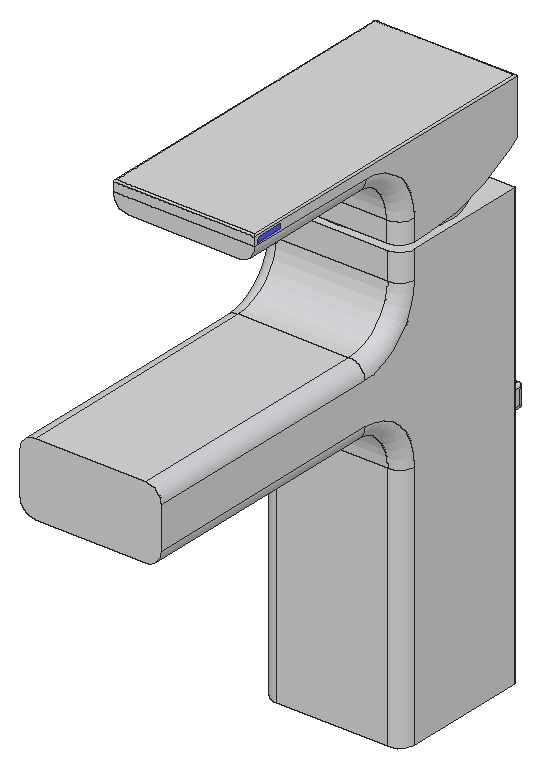
Revit family "Faucet-Lavatory-KOHLER-STRAYT-K-37327T_1", category Plumbing Fixtures, host Face, Revit 2017 (continued)
Definition of nested family "K-37327T"
  Lines and regions (in)
    symbolic lines, visible <- "K-37327T-4DPR", detail levels medium+fine
      curve 314: arc (-0.21795, -0.8093, 0) -> (-0.23311, -0.81208, 0) -> (-0.23559, -0.8273, 0) r 0.01338
      curve 315: line (-0.00257, -0.14506, 0) -> (-0.02912, -0.05547, 0)
      curve 316: line (-0.17021, -0.10367, 0) -> (-0.02281, -0.16343, 0)
      curve 317: line (-0.062, -0.03879, 0) -> (-0.16966, -0.07732, 0)
      curve 318: arc (-0.02281, -0.16343, 0) -> (-0.00692, -0.1606, 0) -> (-0.00257, -0.14506, 0) r 0.01517
      curve 319: arc (-0.16966, -0.07732, 0) -> (-0.17901, -0.09031, 0) -> (-0.17021, -0.10367, 0) r 0.0141
      curve 320: arc (-0.02912, -0.05547, 0) -> (-0.04197, -0.04006, 0) -> (-0.062, -0.03879, 0) r 0.02538
      curve 321: line (-0.31182, -0.0205, 0) -> (-0.33838, 0.06909, 0)
      curve 322: line (-0.47947, 0.02089, 0) -> (-0.33207, -0.03887, 0)
      curve 323: line (-0.37126, 0.08577, 0) -> (-0.47892, 0.04724, 0)
      curve 324: arc (-0.33207, -0.03887, 0) -> (-0.31617, -0.03604, 0) -> (-0.31182, -0.0205, 0) r 0.01517
      curve 325: arc (-0.47892, 0.04724, 0) -> (-0.48827, 0.03425, 0) -> (-0.47947, 0.02089, 0) r 0.0141
      curve 326: arc (-0.33838, 0.06909, 0) -> (-0.35123, 0.0845, 0) -> (-0.37126, 0.08577, 0) r 0.02538
      curve 327: line (-0.11, 0.15591, 0) -> (-0.06256, 0.05832, 0)
      curve 328: line (-0.06379, 0.02364, 0) -> (-0.08249, -0.00875, 0)
      curve 329: line (-0.11192, -0.01093, 0) -> (-0.20127, 0.10146, 0)
      curve 330: line (-0.19419, 0.13866, 0) -> (-0.14541, 0.16678, 0)
      curve 331: arc (-0.14541, 0.16678, 0) -> (-0.12534, 0.16905, 0) -> (-0.11, 0.15591, 0) r 0.02532
      curve 332: arc (-0.06256, 0.05832, 0) -> (-0.05886, 0.04082, 0) -> (-0.06379, 0.02364, 0) r 0.03701
      curve 333: arc (-0.08249, -0.00875, 0) -> (-0.09663, -0.01763, 0) -> (-0.11192, -0.01093, 0) r 0.01785
      curve 334: arc (-0.20127, 0.10146, 0) -> (-0.20625, 0.12168, 0) -> (-0.19419, 0.13866, 0) r 0.02499
      curve 335: line (0.26083, -0.32021, 0) -> (0.23327, -0.16849, 0)
      curve 336: line (0.09785, -0.33171, 0) -> (0.19184, -0.37506, 0)
      curve 337: line (0.03725, -0.17088, 0) -> (0.0782, -0.30901, 0)
      curve 338: line (0.20705, -0.14157, 0) -> (0.09211, -0.11749, 0)
      curve 339: arc (0.23327, -0.16849, 0) -> (0.22427, -0.15103, 0) -> (0.20705, -0.14157, 0) r 0.03366
      curve 340: arc (0.09211, -0.11749, 0) -> (0.07488, -0.11892, 0) -> (0.06123, -0.12953, 0) r 0.03032
      curve 341: arc (0.06123, -0.12953, 0) -> (0.04663, -0.14869, 0) -> (0.03725, -0.17088, 0) r 0.09602
      curve 342: arc (0.26083, -0.32021, 0) -> (0.23022, -0.35253, 0) -> (0.19184, -0.37506, 0) r 0.15851
      curve 343: arc (0.0782, -0.30901, 0) -> (0.08557, -0.32248, 0) -> (0.09785, -0.33171, 0) r 0.03639
      curve 344: line (-0.30246, -0.34824, 0) -> (-0.32826, -0.26119, 0)
      curve 345: line (-0.46644, -0.30834, 0) -> (-0.3227, -0.36661, 0)
      curve 346: line (-0.36114, -0.2445, 0) -> (-0.46589, -0.28199, 0)
      curve 347: arc (-0.3227, -0.36661, 0) -> (-0.30681, -0.36379, 0) -> (-0.30246, -0.34824, 0) r 0.01517
      curve 348: arc (-0.46589, -0.28199, 0) -> (-0.47524, -0.29498, 0) -> (-0.46644, -0.30834, 0) r 0.0141
      curve 349: arc (-0.32826, -0.26119, 0) -> (-0.34111, -0.24577, 0) -> (-0.36114, -0.2445, 0) r 0.02538
      curve 350: line (0.2476, -0.75685, 0) -> (0.22104, -0.66727, 0)
      curve 351: line (0.07995, -0.71547, 0) -> (0.22736, -0.77522, 0)
      curve 352: line (0.18816, -0.65059, 0) -> (0.0805, -0.68911, 0)
      curve 353: arc (0.22736, -0.77522, 0) -> (0.24325, -0.7724, 0) -> (0.2476, -0.75685, 0) r 0.01517
      curve 354: arc (0.0805, -0.68911, 0) -> (0.07115, -0.7021, 0) -> (0.07995, -0.71547, 0) r 0.0141
      curve 355: arc (0.22104, -0.66727, 0) -> (0.20819, -0.65185, 0) -> (0.18816, -0.65059, 0) r 0.02538
      curve 356: line (0.04349, -0.82989, 0) -> (0.01693, -0.74031, 0)
      curve 357: line (-0.12416, -0.7885, 0) -> (0.02324, -0.84826, 0)
      curve 358: line (-0.01595, -0.72363, 0) -> (-0.12361, -0.76215, 0)
      curve 359: arc (0.02324, -0.84826, 0) -> (0.03914, -0.84544, 0) -> (0.04349, -0.82989, 0) r 0.01517
      curve 360: arc (-0.12361, -0.76215, 0) -> (-0.13296, -0.77514, 0) -> (-0.12416, -0.7885, 0) r 0.0141
      curve 361: arc (0.01693, -0.74031, 0) -> (0.00408, -0.72489, 0) -> (-0.01595, -0.72363, 0) r 0.02538
      curve 362: line (0.34835, -0.03248, 0) -> (0.4005, -0.20841, 0)
      curve 363: line (0.55158, -0.23806, 0) -> (0.47152, -0.07338, 0)
      curve 364: line (0.44881, -0.05112, 0) -> (0.36922, -0.01442, 0)
      curve 365: line (0.42399, -0.2343, 0) -> (0.51906, -0.27284, 0)
      curve 366: arc (0.51906, -0.27284, 0) -> (0.54727, -0.26662, 0) -> (0.55158, -0.23806, 0) r 0.0255
      curve 367: arc (0.4005, -0.20841, 0) -> (0.40929, -0.22403, 0) -> (0.42399, -0.2343, 0) r 0.0403
      curve 368: arc (0.47152, -0.07338, 0) -> (0.46209, -0.06028, 0) -> (0.44881, -0.05112, 0) r 0.04727
      curve 369: arc (0.36922, -0.01442, 0) -> (0.35296, -0.01672, 0) -> (0.34835, -0.03248, 0) r 0.01515
      curve 370: line (0.67832, -0.17223, 0) -> (0.59068, -0.07001, 0)
      curve 371: line (0.54983, -0.08945, 0) -> (0.57712, -0.23965, 0)
      curve 372: line (0.61476, -0.25381, 0) -> (0.67511, -0.20583, 0)
      curve 373: arc (0.67511, -0.20583, 0) -> (0.68386, -0.18971, 0) -> (0.67832, -0.17223, 0) r 0.02344
      curve 374: arc (0.57712, -0.23965, 0) -> (0.59193, -0.2574, 0) -> (0.61476, -0.25381, 0) r 0.02344
      curve 375: arc (0.59068, -0.07001, 0) -> (0.56282, -0.0641, 0) -> (0.54983, -0.08945, 0) r 0.02344
      curve 376: line (0.30282, -0.29932, 0) -> (0.37278, -0.23739, 0)
      curve 377: line (0.26948, -0.12989, 0) -> (0.27761, -0.28874, 0)
      curve 378: line (0.37401, -0.20055, 0) -> (0.29359, -0.11925, 0)
      curve 379: arc (0.27761, -0.28874, 0) -> (0.28689, -0.30195, 0) -> (0.30282, -0.29932, 0) r 0.01517
      curve 380: arc (0.29359, -0.11925, 0) -> (0.27787, -0.11627, 0) -> (0.26948, -0.12989, 0) r 0.0141
      curve 381: arc (0.37278, -0.23739, 0) -> (0.38133, -0.21923, 0) -> (0.37401, -0.20055, 0) r 0.02538
      curve 382: line (0.75205, -0.47631, 0) -> (0.67187, -0.52837, 0)
      curve 383: line (0.78156, -0.54967, 0) -> (0.78156, -0.49234, 0)
      curve 384: line (0.67651, -0.55225, 0) -> (0.75899, -0.56828, 0)
      curve 385: arc (0.78156, -0.49234, 0) -> (0.77157, -0.47555, 0) -> (0.75205, -0.47631, 0) r 0.01911
      curve 386: arc (0.75899, -0.56828, 0) -> (0.77466, -0.5643, 0) -> (0.78156, -0.54967, 0) r 0.01895
      curve 387: arc (0.67187, -0.52837, 0) -> (0.66613, -0.54187, 0) -> (0.67651, -0.55225, 0) r 0.01312
      curve 388: line (0.75205, -0.59298, 0) -> (0.65234, -0.65771, 0)
      curve 389: line (0.78156, -0.68281, 0) -> (0.78156, -0.609, 0)
      curve 390: line (0.65698, -0.68159, 0) -> (0.75899, -0.70142, 0)
      curve 391: arc (0.78156, -0.609, 0) -> (0.77157, -0.59221, 0) -> (0.75205, -0.59298, 0) r 0.01911
      curve 392: arc (0.75899, -0.70142, 0) -> (0.77466, -0.69744, 0) -> (0.78156, -0.68281, 0) r 0.01895
      curve 393: arc (0.65234, -0.65771, 0) -> (0.6466, -0.67122, 0) -> (0.65698, -0.68159, 0) r 0.01312
      curve 394: line (0.55815, -2.97277, 0) -> (0.76037, -2.94876, 0)
      curve 395: line (0.78156, -2.96758, 0) -> (0.78156, -3.09965, 0)
      curve 396: line (0.7605, -3.12071, 0) -> (0.6676, -3.12071, 0)
      curve 397: line (0.63917, -3.10734, 0) -> (0.54823, -2.99759, 0)
      curve 398: arc (0.78156, -3.09965, 0) -> (0.77539, -3.11454, 0) -> (0.7605, -3.12071, 0) r 0.02106
      curve 399: arc (0.76037, -2.94876, 0) -> (0.77519, -2.95341, 0) -> (0.78156, -2.96758, 0) r 0.01895
      curve 400: arc (0.6676, -3.12071, 0) -> (0.65189, -3.1172, 0) -> (0.63917, -3.10734, 0) r 0.03693
      curve 401: arc (0.54823, -2.99759, 0) -> (0.54582, -2.98223, 0) -> (0.55815, -2.97277, 0) r 0.01521
      curve 402: line (0.76567, -2.90756, 0) -> (0.49774, -2.93937, 0)
      curve 403: line (0.68909, -2.7183, 0) -> (0.77907, -2.88146, 0)
      curve 404: line (0.48514, -2.91577, 0) -> (0.65724, -2.71503, 0)
      curve 405: line (0.48903, -2.98642, 0) -> (0.58028, -3.09655, 0)
      curve 406: line (0.32906, -3.09783, 0) -> (0.41727, -2.99494, 0)
      curve 407: line (0.56892, -3.12071, 0) -> (0.33958, -3.12071, 0)
      curve 408: arc (0.58028, -3.09655, 0) -> (0.58227, -3.11223, 0) -> (0.56892, -3.12071, 0) r 0.01475
      curve 409: arc (0.48903, -2.98642, 0) -> (0.45251, -2.98532, 0) -> (0.41727, -2.99494, 0) r 0.12356
      curve 410: arc (0.33958, -3.12071, 0) -> (0.32699, -3.11264, 0) -> (0.32906, -3.09783, 0) r 0.01386
      curve 411: arc (0.49774, -2.93937, 0) -> (0.48338, -2.93187, 0) -> (0.48514, -2.91577, 0) r 0.01436
      curve 412: arc (0.77907, -2.88146, 0) -> (0.77932, -2.89808, 0) -> (0.76567, -2.90756, 0) r 0.01768
      curve 413: arc (0.65724, -2.71503, 0) -> (0.67402, -2.70833, 0) -> (0.68909, -2.7183, 0) r 0.01948
      curve 414: line (0.65575, -2.51947, 0) -> (0.75573, -2.47336, 0)
      curve 415: line (0.726, -2.44372, 0) -> (0.38403, -2.60143, 0)
      curve 416: line (0.3433, -2.66357, 0) -> (0.58303, -2.55301, 0)
      curve 417: line (0.64727, -2.66617, 0) -> (0.51791, -2.81706, 0)
      curve 418: line (0.61077, -2.56213, 0) -> (0.65055, -2.63425, 0)
      curve 419: line (0.78156, -2.48989, 0) -> (0.78156, -2.74444, 0)
      curve 420: line (0.75942, -2.75014, 0) -> (0.64697, -2.54623, 0)
      curve 421: line (0.48564, -2.82014, 0) -> (0.33853, -2.7032, 0)
      curve 422: line (0.46178, -2.88253, 0) -> (0.37415, -2.98475, 0)
      curve 423: line (0.3333, -2.96531, 0) -> (0.36058, -2.81511, 0)
      curve 424: line (0.39823, -2.80095, 0) -> (0.45858, -2.84893, 0)
      curve 425: line (0.33135, -2.75575, 0) -> (0.30379, -2.90747, 0)
      curve 426: line (0.16837, -2.74425, 0) -> (0.26236, -2.7009, 0)
      curve 427: line (0.10777, -2.90508, 0) -> (0.14872, -2.76695, 0)
      curve 428: line (0.27757, -2.9344, 0) -> (0.16263, -2.95847, 0)
      curve 429: line (0.13147, -2.68663, 0) -> (0.09048, -2.82488, 0)
      curve 430: line (-0.00468, -2.60713, 0) -> (0.11239, -2.64902, 0)
      curve 431: line (0.04971, -2.83173, 0) -> (-0.05924, -2.67939, 0)
      curve 432: line (-0.08471, -2.71146, 0) -> (0.08181, -2.94428, 0)
      curve 433: line (-0.21337, -3.00381, 0) -> (-0.16932, -2.7313, 0)
      curve 434: line (0.0686, -2.97817, 0) -> (-0.18466, -3.03122, 0)
      curve 435: line (0.09485, -3.01289, 0) -> (0.26059, -2.97818, 0)
      curve 436: line (0.28638, -3.00329, 0) -> (0.26692, -3.11044, 0)
      curve 437: line (0.21847, -3.13268, 0) -> (0.0878, -3.05605, 0)
      curve 438: line (0.07282, -3.12071, 0) -> (-0.21073, -3.12071, 0)
      curve 439: line (0.00603, -3.05374, 0) -> (0.07933, -3.09673, 0)
      curve 440: line (-0.21517, -3.07784, 0) -> (-0.05362, -3.044, 0)
      curve 441: line (-0.60905, -2.91949, 0) -> (-0.28203, -3.07829, 0)
      curve 442: line (-0.66392, -3.09331, 0) -> (-0.64142, -2.93668, 0)
      curve 443: line (-0.29178, -3.12071, 0) -> (-0.64018, -3.12071, 0)
      curve 444: line (-0.29097, -3.03018, 0) -> (-0.41333, -2.97077, 0)
      curve 445: line (-0.22329, -2.81844, 0) -> (-0.25445, -3.0112, 0)
      curve 446: line (-0.41751, -2.93978, 0) -> (-0.25759, -2.79946, 0)
      curve 447: line (-0.35385, -2.83154, 0) -> (-0.46062, -2.92523, 0)
      curve 448: line (-0.49701, -2.93014, 0) -> (-0.61192, -2.87434, 0)
      curve 449: line (-0.65484, -2.75319, 0) -> (-0.70492, -3.10182, 0)
      curve 450: line (-0.72671, -3.12071, 0) -> (-0.76382, -3.12071, 0)
      curve 451: line (-0.78543, -3.09909, 0) -> (-0.78543, -2.80417, 0)
      curve 452: line (-0.76807, -2.77683, 0) -> (-0.67928, -2.73511, 0)
      curve 453: line (-0.62809, -2.84387, 0) -> (-0.61009, -2.71854, 0)
      curve 454: line (-0.51935, -2.67326, 0) -> (-0.39808, -2.71479, 0)
      curve 455: line (-0.37385, -2.73714, 0) -> (-0.34669, -2.79956, 0)
      curve 456: line (-0.592, -2.69409, 0) -> (-0.55138, -2.67501, 0)
      curve 457: line (-0.09457, -2.60404, 0) -> (-0.28387, -2.77014, 0)
      curve 458: line (-0.35421, -2.48206, 0) -> (-0.10051, -2.57284, 0)
      curve 459: line (-0.32008, -2.76204, 0) -> (-0.41406, -2.54604, 0)
      curve 460: line (-0.51832, -2.40509, 0) -> (-0.41761, -2.63657, 0)
      curve 461: line (-0.43858, -2.6593, 0) -> (-0.69682, -2.57086, 0)
      curve 462: line (-0.70305, -2.54289, 0) -> (-0.55325, -2.39815, 0)
      curve 463: line (0.1851, -2.50569, 0) -> (0.15855, -2.59528, 0)
      curve 464: line (0.01746, -2.54708, 0) -> (0.16486, -2.48732, 0)
      curve 465: line (0.12567, -2.61196, 0) -> (0.018, -2.57343, 0)
      curve 466: line (0.1778, -2.66885, 0) -> (0.23522, -2.47517, 0)
      curve 467: line (0.39049, -2.44382, 0) -> (0.30098, -2.62796, 0)
      curve 468: line (0.27826, -2.65021, 0) -> (0.19868, -2.68692, 0)
      curve 469: line (0.25871, -2.44928, 0) -> (0.35797, -2.40903, 0)
      curve 470: line (0.604, -2.33607, 0) -> (0.72795, -2.41655, 0)
      curve 471: line (0.36639, -2.58344, 0) -> (0.47116, -2.36792, 0)
      curve 472: line (0.50374, -2.34289, 0) -> (0.57141, -2.32974, 0)
      curve 473: line (0.75205, -2.38525, 0) -> (0.67187, -2.33319, 0)
      curve 474: line (0.78156, -2.31189, 0) -> (0.78156, -2.36922, 0)
      curve 475: line (0.67651, -2.30931, 0) -> (0.75899, -2.29328, 0)
      curve 476: arc (0.75573, -2.47336, 0) -> (0.77317, -2.47456, 0) -> (0.78156, -2.48989, 0) r 0.0182
      curve 477: arc (0.64697, -2.54623, 0) -> (0.64553, -2.53094, 0) -> (0.65575, -2.51947, 0) r 0.01924
      curve 478: arc (0.78156, -2.74444, 0) -> (0.7727, -2.75587, 0) -> (0.75942, -2.75014, 0) r 0.0118
      curve 479: arc (0.65055, -2.63425, 0) -> (0.6539, -2.65073, 0) -> (0.64727, -2.66617, 0) r 0.02815
      curve 480: arc (0.58303, -2.55301, 0) -> (0.59869, -2.55211, 0) -> (0.61077, -2.56213, 0) r 0.02143
      curve 481: arc (0.51791, -2.81706, 0) -> (0.50239, -2.82511, 0) -> (0.48564, -2.82014, 0) r 0.02336
      curve 482: arc (0.33853, -2.7032, 0) -> (0.32985, -2.68206, 0) -> (0.3433, -2.66357, 0) r 0.02344
      curve 483: arc (0.45858, -2.84893, 0) -> (0.46732, -2.86505, 0) -> (0.46178, -2.88253, 0) r 0.02344
      curve 484: arc (0.36058, -2.81511, 0) -> (0.37539, -2.79736, 0) -> (0.39823, -2.80095, 0) r 0.02344
      curve 485: arc (0.37415, -2.98475, 0) -> (0.34628, -2.99066, 0) -> (0.3333, -2.96531, 0) r 0.02344
      curve 486: arc (0.30379, -2.90747, 0) -> (0.29479, -2.92493, 0) -> (0.27757, -2.9344, 0) r 0.03366
      curve 487: arc (0.16263, -2.95847, 0) -> (0.1454, -2.95705, 0) -> (0.13175, -2.94643, 0) r 0.03032
      curve 488: arc (0.13175, -2.94643, 0) -> (0.11715, -2.92727, 0) -> (0.10777, -2.90508, 0) r 0.09602
      curve 489: arc (0.33135, -2.75575, 0) -> (0.30074, -2.72343, 0) -> (0.26236, -2.7009, 0) r 0.15851
      curve 490: arc (0.14872, -2.76695, 0) -> (0.15609, -2.75348, 0) -> (0.16837, -2.74425, 0) r 0.03639
      curve 491: arc (0.26059, -2.97818, 0) -> (0.28017, -2.98387, 0) -> (0.28638, -3.00329, 0) r 0.02169
      curve 492: arc (0.0878, -3.05605, 0) -> (0.07653, -3.03206, 0) -> (0.09485, -3.01289, 0) r 0.02344
      curve 493: arc (0.26692, -3.11044, 0) -> (0.24849, -3.13418, 0) -> (0.21847, -3.13268, 0) r 0.03252
      curve 494: arc (-0.05362, -3.044, 0) -> (-0.02289, -3.04331, 0) -> (0.00603, -3.05374, 0) r 0.08392
      curve 495: arc (0.07933, -3.09673, 0) -> (0.08524, -3.11121, 0) -> (0.07282, -3.12071, 0) r 0.01288
      curve 496: arc (-0.21073, -3.12071, 0) -> (-0.23228, -3.10127, 0) -> (-0.21517, -3.07784, 0) r 0.02167
      curve 497: arc (-0.28203, -3.07829, 0) -> (-0.27002, -3.10338, 0) -> (-0.29178, -3.12071, 0) r 0.02233
      curve 498: arc (-0.64142, -2.93668, 0) -> (-0.6296, -2.91986, 0) -> (-0.60905, -2.91949, 0) r 0.02269
      curve 499: arc (-0.64018, -3.12071, 0) -> (-0.6583, -3.11243, 0) -> (-0.66392, -3.09331, 0) r 0.02399
      curve 500: arc (0.78156, -2.36922, 0) -> (0.77157, -2.38601, 0) -> (0.75205, -2.38525, 0) r 0.01911
      curve 501: arc (0.75899, -2.29328, 0) -> (0.77466, -2.29726, 0) -> (0.78156, -2.31189, 0) r 0.01895
      curve 502: arc (0.67187, -2.33319, 0) -> (0.66613, -2.31969, 0) -> (0.67651, -2.30931, 0) r 0.01312
      curve 503: arc (0.57141, -2.32974, 0) -> (0.58832, -2.32974, 0) -> (0.604, -2.33607, 0) r 0.04432
      curve 504: arc (0.47116, -2.36792, 0) -> (0.4845, -2.35156, 0) -> (0.50374, -2.34289, 0) r 0.04597
      curve 505: arc (0.72795, -2.41655, 0) -> (0.735, -2.43071, 0) -> (0.726, -2.44372, 0) r 0.01556
      curve 506: arc (0.38403, -2.60143, 0) -> (0.36887, -2.59865, 0) -> (0.36639, -2.58344, 0) r 0.01338
      curve 507: arc (0.35797, -2.40903, 0) -> (0.38618, -2.41525, 0) -> (0.39049, -2.44382, 0) r 0.0255
      curve 508: arc (0.23522, -2.47517, 0) -> (0.24401, -2.45954, 0) -> (0.25871, -2.44928, 0) r 0.0403
      curve 509: arc (0.30098, -2.62796, 0) -> (0.29155, -2.64105, 0) -> (0.27826, -2.65021, 0) r 0.04727
      curve 510: arc (0.19868, -2.68692, 0) -> (0.18241, -2.68461, 0) -> (0.1778, -2.66885, 0) r 0.01515
      curve 511: arc (0.16486, -2.48732, 0) -> (0.18075, -2.49015, 0) -> (0.1851, -2.50569, 0) r 0.01517
      curve 512: arc (0.018, -2.57343, 0) -> (0.00866, -2.56045, 0) -> (0.01746, -2.54708, 0) r 0.0141
      curve 513: arc (0.15855, -2.59528, 0) -> (0.1457, -2.6107, 0) -> (0.12567, -2.61196, 0) r 0.02538
      curve 514: arc (0.11239, -2.64902, 0) -> (0.12941, -2.66403, 0) -> (0.13147, -2.68663, 0) r 0.03068
      curve 515: arc (-0.05924, -2.67939, 0) -> (-0.05852, -2.62321, 0) -> (-0.00468, -2.60713, 0) r 0.04744
      curve 516: arc (0.09048, -2.82488, 0) -> (0.07223, -2.84103, 0) -> (0.04971, -2.83173, 0) r 0.02301
      curve 517: arc (-0.16932, -2.7313, 0) -> (-0.13366, -2.69305, 0) -> (-0.08471, -2.71146, 0) r 0.04699
      curve 518: arc (-0.10051, -2.57284, 0) -> (-0.08862, -2.58674, 0) -> (-0.09457, -2.60404, 0) r 0.01843
      curve 519: arc (-0.28387, -2.77014, 0) -> (-0.30403, -2.77529, 0) -> (-0.32008, -2.76204, 0) r 0.02297
      curve 520: arc (-0.25759, -2.79946, 0) -> (-0.23376, -2.79689, 0) -> (-0.22329, -2.81844, 0) r 0.02083
      curve 521: arc (0.08181, -2.94428, 0) -> (0.08438, -2.9648, 0) -> (0.0686, -2.97817, 0) r 0.02172
      curve 522: arc (-0.18466, -3.03122, 0) -> (-0.20623, -3.02507, 0) -> (-0.21337, -3.00381, 0) r 0.02408
      curve 523: arc (-0.25445, -3.0112, 0) -> (-0.26794, -3.02987, 0) -> (-0.29097, -3.03018, 0) r 0.02565
      curve 524: arc (-0.41333, -2.97077, 0) -> (-0.42373, -2.95639, 0) -> (-0.41751, -2.93978, 0) r 0.01877
      curve 525: arc (-0.34669, -2.79956, 0) -> (-0.34505, -2.81672, 0) -> (-0.35385, -2.83154, 0) r 0.0278
      curve 526: arc (-0.46062, -2.92523, 0) -> (-0.47807, -2.93317, 0) -> (-0.49701, -2.93014, 0) r 0.03319
      curve 527: arc (-0.61192, -2.87434, 0) -> (-0.62497, -2.86174, 0) -> (-0.62809, -2.84387, 0) r 0.02924
      curve 528: arc (-0.61009, -2.71854, 0) -> (-0.60413, -2.70403, 0) -> (-0.592, -2.69409, 0) r 0.03205
      curve 529: arc (-0.55138, -2.67501, 0) -> (-0.53554, -2.67101, 0) -> (-0.51935, -2.67326, 0) r 0.04276
      curve 530: arc (-0.39808, -2.71479, 0) -> (-0.38361, -2.72342, 0) -> (-0.37385, -2.73714, 0) r 0.04086
      curve 531: arc (-0.67928, -2.73511, 0) -> (-0.66166, -2.73685, 0) -> (-0.65484, -2.75319, 0) r 0.01727
      curve 532: arc (-0.78543, -2.80417, 0) -> (-0.78073, -2.78798, 0) -> (-0.76807, -2.77683, 0) r 0.03021
      curve 533: arc (-0.70492, -3.10182, 0) -> (-0.71229, -3.11533, 0) -> (-0.72671, -3.12071, 0) r 0.02202
      curve 534: arc (-0.76382, -3.12071, 0) -> (-0.7791, -3.11438, 0) -> (-0.78543, -3.09909, 0) r 0.02162
      curve 535: arc (-0.41406, -2.54604, 0) -> (-0.40515, -2.49439, 0) -> (-0.35421, -2.48206, 0) r 0.04773
      curve 536: arc (-0.55325, -2.39815, 0) -> (-0.53397, -2.39248, 0) -> (-0.51832, -2.40509, 0) r 0.02167
      curve 537: arc (-0.41761, -2.63657, 0) -> (-0.42068, -2.65477, 0) -> (-0.43858, -2.6593, 0) r 0.0169
      curve 538: arc (-0.69682, -2.57086, 0) -> (-0.70777, -2.55862, 0) -> (-0.70305, -2.54289, 0) r 0.0168
      curve 539: line (0.48979, -1.337, 0) -> (0.30048, -1.5031, 0)
      curve 540: line (0.23014, -1.21502, 0) -> (0.48384, -1.3058, 0)
      curve 541: line (0.26427, -1.495, 0) -> (0.17029, -1.279, 0)
      curve 542: arc (0.48384, -1.3058, 0) -> (0.49573, -1.3197, 0) -> (0.48979, -1.337, 0) r 0.01843
      curve 543: arc (0.30048, -1.5031, 0) -> (0.28032, -1.50825, 0) -> (0.26427, -1.495, 0) r 0.02297
      curve 544: arc (0.17029, -1.279, 0) -> (0.1792, -1.22735, 0) -> (0.23014, -1.21502, 0) r 0.04773
      curve 545: line (0.03268, -2.04108, 0) -> (-0.15662, -2.20718, 0)
      curve 546: line (-0.22696, -1.91909, 0) -> (0.02674, -2.00987, 0)
      curve 547: line (-0.19283, -2.19907, 0) -> (-0.28681, -1.98308, 0)
      curve 548: arc (0.02674, -2.00987, 0) -> (0.03863, -2.02378, 0) -> (0.03268, -2.04108, 0) r 0.01843
      curve 549: arc (-0.15662, -2.20718, 0) -> (-0.17678, -2.21233, 0) -> (-0.19283, -2.19907, 0) r 0.02297
      curve 550: arc (-0.28681, -1.98308, 0) -> (-0.2779, -1.93143, 0) -> (-0.22696, -1.91909, 0) r 0.04773
      curve 551: line (0.64507, -1.90475, 0) -> (0.45577, -2.07085, 0)
      curve 552: line (0.38543, -1.78277, 0) -> (0.63912, -1.87355, 0)
      curve 553: line (0.41955, -2.06275, 0) -> (0.32558, -1.84675, 0)
      curve 554: arc (0.63912, -1.87355, 0) -> (0.65102, -1.88745, 0) -> (0.64507, -1.90475, 0) r 0.01843
      curve 555: arc (0.45577, -2.07085, 0) -> (0.4356, -2.076, 0) -> (0.41955, -2.06275, 0) r 0.02297
      curve 556: arc (0.32558, -1.84675, 0) -> (0.33449, -1.7951, 0) -> (0.38543, -1.78277, 0) r 0.04773
      curve 557: line (-0.44024, -1.67741, 0) -> (-0.62954, -1.84351, 0)
      curve 558: line (-0.69988, -1.55543, 0) -> (-0.44619, -1.64621, 0)
      curve 559: line (-0.66576, -1.83541, 0) -> (-0.75973, -1.61941, 0)
      curve 560: arc (-0.44619, -1.64621, 0) -> (-0.43429, -1.66011, 0) -> (-0.44024, -1.67741, 0) r 0.01843
      curve 561: arc (-0.62954, -1.84351, 0) -> (-0.64971, -1.84866, 0) -> (-0.66576, -1.83541, 0) r 0.02297
      curve 562: arc (-0.75973, -1.61941, 0) -> (-0.75082, -1.56776, 0) -> (-0.69988, -1.55543, 0) r 0.04773
      curve 563: line (0.65575, -1.3627, 0) -> (0.75573, -1.31659, 0)
      curve 564: line (0.78156, -1.33312, 0) -> (0.78156, -1.58767, 0)
      curve 565: line (0.75942, -1.59337, 0) -> (0.64697, -1.38946, 0)
      curve 566: arc (0.75573, -1.31659, 0) -> (0.77317, -1.31779, 0) -> (0.78156, -1.33312, 0) r 0.0182
      curve 567: arc (0.64697, -1.38946, 0) -> (0.64553, -1.37417, 0) -> (0.65575, -1.3627, 0) r 0.01924
      curve 568: arc (0.78156, -1.58767, 0) -> (0.7727, -1.5991, 0) -> (0.75942, -1.59337, 0) r 0.0118
      curve 569: line (0.62488, -1.56743, 0) -> (0.59732, -1.71915, 0)
      curve 570: line (0.4619, -1.55593, 0) -> (0.55589, -1.51258, 0)
      curve 571: line (0.40131, -1.71676, 0) -> (0.44225, -1.57863, 0)
      curve 572: line (0.5711, -1.74607, 0) -> (0.45617, -1.77015, 0)
      curve 573: arc (0.59732, -1.71915, 0) -> (0.58832, -1.73661, 0) -> (0.5711, -1.74607, 0) r 0.03366
      curve 574: arc (0.45617, -1.77015, 0) -> (0.43893, -1.76872, 0) -> (0.42528, -1.75811, 0) r 0.03032
      curve 575: arc (0.42528, -1.75811, 0) -> (0.41068, -1.73895, 0) -> (0.40131, -1.71676, 0) r 0.09602
      curve 576: arc (0.62488, -1.56743, 0) -> (0.59428, -1.53511, 0) -> (0.55589, -1.51258, 0) r 0.15851
      curve 577: arc (0.44225, -1.57863, 0) -> (0.44963, -1.56516, 0) -> (0.4619, -1.55593, 0) r 0.03639
      curve 578: line (-0.4937, -1.28719, 0) -> (-0.52126, -1.43891, 0)
      curve 579: line (-0.65668, -1.27569, 0) -> (-0.56269, -1.23234, 0)
      curve 580: line (-0.71727, -1.43652, 0) -> (-0.67633, -1.29839, 0)
      curve 581: line (-0.54747, -1.46584, 0) -> (-0.66241, -1.48991, 0)
      curve 582: arc (-0.52126, -1.43891, 0) -> (-0.53026, -1.45637, 0) -> (-0.54747, -1.46584, 0) r 0.03366
      curve 583: arc (-0.66241, -1.48991, 0) -> (-0.67965, -1.48849, 0) -> (-0.6933, -1.47787, 0) r 0.03032
      curve 584: arc (-0.6933, -1.47787, 0) -> (-0.7079, -1.45871, 0) -> (-0.71727, -1.43652, 0) r 0.09602
      curve 585: arc (-0.4937, -1.28719, 0) -> (-0.5243, -1.25487, 0) -> (-0.56269, -1.23234, 0) r 0.15851
      curve 586: arc (-0.67633, -1.29839, 0) -> (-0.66895, -1.28492, 0) -> (-0.65668, -1.27569, 0) r 0.03639
      curve 587: line (-0.14014, -1.64074, 0) -> (-0.16771, -1.79246, 0)
      curve 588: line (-0.30312, -1.62925, 0) -> (-0.20913, -1.5859, 0)
      curve 589: line (-0.36372, -1.79008, 0) -> (-0.32277, -1.65195, 0)
      curve 590: line (-0.19392, -1.81939, 0) -> (-0.30886, -1.84347, 0)
      curve 591: arc (-0.16771, -1.79246, 0) -> (-0.1767, -1.80993, 0) -> (-0.19392, -1.81939, 0) r 0.03366
      curve 592: arc (-0.30886, -1.84347, 0) -> (-0.32609, -1.84204, 0) -> (-0.33974, -1.83143, 0) r 0.03032
      curve 593: arc (-0.33974, -1.83143, 0) -> (-0.35435, -1.81227, 0) -> (-0.36372, -1.79008, 0) r 0.09602
      curve 594: arc (-0.14014, -1.64074, 0) -> (-0.17075, -1.60843, 0) -> (-0.20913, -1.5859, 0) r 0.15851
      curve 595: arc (-0.32277, -1.65195, 0) -> (-0.3154, -1.63848, 0) -> (-0.30312, -1.62925, 0) r 0.03639
      curve 596: line (0.40613, -1.60557, 0) -> (0.3185, -1.70779, 0)
      curve 597: line (0.27764, -1.68835, 0) -> (0.30493, -1.53815, 0)
      curve 598: line (0.34257, -1.52399, 0) -> (0.40292, -1.57197, 0)
      curve 599: arc (0.40292, -1.57197, 0) -> (0.41167, -1.58809, 0) -> (0.40613, -1.60557, 0) r 0.02344
      curve 600: arc (0.30493, -1.53815, 0) -> (0.31974, -1.5204, 0) -> (0.34257, -1.52399, 0) r 0.02344
      curve 601: arc (0.3185, -1.70779, 0) -> (0.29063, -1.7137, 0) -> (0.27764, -1.68835, 0) r 0.02344
      curve 602: line (0.00346, -1.75213, 0) -> (-0.08417, -1.85435, 0)
      curve 603: line (-0.12503, -1.83491, 0) -> (-0.09774, -1.68471, 0)
      curve 604: line (-0.0601, -1.67055, 0) -> (0.00025, -1.71853, 0)
      curve 605: arc (0.00025, -1.71853, 0) -> (0.009, -1.73465, 0) -> (0.00346, -1.75213, 0) r 0.02344
      curve 606: arc (-0.09774, -1.68471, 0) -> (-0.08293, -1.66696, 0) -> (-0.0601, -1.67055, 0) r 0.02344
      curve 607: arc (-0.08417, -1.85435, 0) -> (-0.11204, -1.86026, 0) -> (-0.12503, -1.83491, 0) r 0.02344
      curve 608: line (-0.28085, -1.46781, 0) -> (-0.36849, -1.57003, 0)
      curve 609: line (-0.40934, -1.55059, 0) -> (-0.38206, -1.40039, 0)
      curve 610: line (-0.34441, -1.38624, 0) -> (-0.28406, -1.43421, 0)
      curve 611: arc (-0.28406, -1.43421, 0) -> (-0.27531, -1.45033, 0) -> (-0.28085, -1.46781, 0) r 0.02344
      curve 612: arc (-0.38206, -1.40039, 0) -> (-0.36725, -1.38265, 0) -> (-0.34441, -1.38624, 0) r 0.02344
      curve 613: arc (-0.36849, -1.57003, 0) -> (-0.39635, -1.57594, 0) -> (-0.40934, -1.55059, 0) r 0.02344
      curve 614: line (-0.44931, -1.93858, 0) -> (-0.53694, -2.0408, 0)
      curve 615: line (-0.5778, -2.02136, 0) -> (-0.55051, -1.87116, 0)
      curve 616: line (-0.51287, -1.857, 0) -> (-0.45252, -1.90498, 0)
      curve 617: arc (-0.45252, -1.90498, 0) -> (-0.44377, -1.9211, 0) -> (-0.44931, -1.93858, 0) r 0.02344
      curve 618: arc (-0.55051, -1.87116, 0) -> (-0.5357, -1.85341, 0) -> (-0.51287, -1.857, 0) r 0.02344
      curve 619: arc (-0.53694, -2.0408, 0) -> (-0.56481, -2.04671, 0) -> (-0.5778, -2.02136, 0) r 0.02344
      curve 620: line (-0.16117, -2.36365, 0) -> (-0.24881, -2.46588, 0)
      curve 621: line (-0.28966, -2.44643, 0) -> (-0.26237, -2.29623, 0)
      curve 622: line (-0.22473, -2.28208, 0) -> (-0.16438, -2.33005, 0)
      curve 623: arc (-0.16438, -2.33005, 0) -> (-0.15563, -2.34617, 0) -> (-0.16117, -2.36365, 0) r 0.02344
      curve 624: arc (-0.26237, -2.29623, 0) -> (-0.24756, -2.27849, 0) -> (-0.22473, -2.28208, 0) r 0.02344
      curve 625: arc (-0.24881, -2.46588, 0) -> (-0.27667, -2.47178, 0) -> (-0.28966, -2.44643, 0) r 0.02344
      curve 626: line (0.61815, -1.3876, 0) -> (0.53052, -1.48982, 0)
      curve 627: line (0.48966, -1.47038, 0) -> (0.51695, -1.32018, 0)
      curve 628: line (0.55459, -1.30602, 0) -> (0.61494, -1.354, 0)
      curve 629: arc (0.61494, -1.354, 0) -> (0.62369, -1.37012, 0) -> (0.61815, -1.3876, 0) r 0.02344
      curve 630: arc (0.51695, -1.32018, 0) -> (0.53176, -1.30243, 0) -> (0.55459, -1.30602, 0) r 0.02344
      curve 631: arc (0.53052, -1.48982, 0) -> (0.50265, -1.49573, 0) -> (0.48966, -1.47038, 0) r 0.02344
      curve 632: line (0.65575, -1.98784, 0) -> (0.75573, -1.94173, 0)
      curve 633: line (0.78156, -1.95826, 0) -> (0.78156, -2.21281, 0)
      curve 634: line (0.75942, -2.21851, 0) -> (0.64697, -2.0146, 0)
      curve 635: arc (0.75573, -1.94173, 0) -> (0.77317, -1.94293, 0) -> (0.78156, -1.95826, 0) r 0.0182
      curve 636: arc (0.64697, -2.0146, 0) -> (0.64553, -1.99931, 0) -> (0.65575, -1.98784, 0) r 0.01924
      curve 637: arc (0.78156, -2.21281, 0) -> (0.7727, -2.22424, 0) -> (0.75942, -2.21851, 0) r 0.0118
      curve 638: line (-0.62197, -2.42238, 0) -> (-0.72195, -2.46849, 0)
      curve 639: line (-0.74777, -2.45196, 0) -> (-0.74777, -2.19741, 0)
      curve 640: line (-0.72564, -2.19171, 0) -> (-0.61318, -2.39562, 0)
      curve 641: arc (-0.72195, -2.46849, 0) -> (-0.73938, -2.46729, 0) -> (-0.74777, -2.45196, 0) r 0.0182
      curve 642: arc (-0.61318, -2.39562, 0) -> (-0.61175, -2.41091, 0) -> (-0.62197, -2.42238, 0) r 0.01924
      curve 643: arc (-0.74777, -2.19741, 0) -> (-0.73891, -2.18598, 0) -> (-0.72564, -2.19171, 0) r 0.0118
      curve 644: line (-0.65741, -2.05396, 0) -> (-0.75739, -2.10007, 0)
      curve 645: line (-0.78321, -2.08354, 0) -> (-0.78321, -1.82899, 0)
      curve 646: line (-0.76107, -1.82329, 0) -> (-0.64862, -2.0272, 0)
      curve 647: arc (-0.75739, -2.10007, 0) -> (-0.77482, -2.09887, 0) -> (-0.78321, -2.08354, 0) r 0.0182
      curve 648: arc (-0.64862, -2.0272, 0) -> (-0.64719, -2.0425, 0) -> (-0.65741, -2.05396, 0) r 0.01924
      curve 649: arc (-0.78321, -1.82899, 0) -> (-0.77435, -1.81756, 0) -> (-0.76107, -1.82329, 0) r 0.0118
      curve 650: line (0.299, -2.37522, 0) -> (-0.04297, -2.53293, 0)
      curve 651: line (0.177, -2.26756, 0) -> (0.30096, -2.34804, 0)
      curve 652: line (-0.0606, -2.51493, 0) -> (0.04416, -2.29941, 0)
      curve 653: line (0.07674, -2.27438, 0) -> (0.14441, -2.26123, 0)
      curve 654: arc (0.14441, -2.26123, 0) -> (0.16132, -2.26123, 0) -> (0.177, -2.26756, 0) r 0.04432
      curve 655: arc (0.04416, -2.29941, 0) -> (0.0575, -2.28306, 0) -> (0.07674, -2.27438, 0) r 0.04597
      curve 656: arc (0.30096, -2.34804, 0) -> (0.308, -2.36221, 0) -> (0.299, -2.37522, 0) r 0.01556
      curve 657: arc (-0.04297, -2.53293, 0) -> (-0.05813, -2.53015, 0) -> (-0.0606, -2.51493, 0) r 0.01338
      curve 658: line (0.29841, -1.85161, 0) -> (0.04052, -1.97054, 0)
      curve 659: line (0.1764, -1.74396, 0) -> (0.30036, -1.82443, 0)
      curve 660: line (-0.02072, -1.90805, 0) -> (0.04357, -1.7758, 0)
      curve 661: line (0.07614, -1.75077, 0) -> (0.14382, -1.73762, 0)
      curve 662: arc (0.14382, -1.73762, 0) -> (0.16073, -1.73762, 0) -> (0.1764, -1.74396, 0) r 0.04432
      curve 663: arc (0.04357, -1.7758, 0) -> (0.0569, -1.75945, 0) -> (0.07614, -1.75077, 0) r 0.04597
      curve 664: arc (0.30036, -1.82443, 0) -> (0.30741, -1.8386, 0) -> (0.29841, -1.85161, 0) r 0.01556
      curve 665: arc (0.04052, -1.97054, 0) -> (-0.01212, -1.96087, 0) -> (-0.02072, -1.90805, 0) r 0.04646
      curve 666: line (-0.29453, -2.2436, 0) -> (-0.57106, -2.37114, 0)
      curve 667: line (-0.41654, -2.13595, 0) -> (-0.29258, -2.21643, 0)
      curve 668: line (-0.62263, -2.31851, 0) -> (-0.54937, -2.1678, 0)
      curve 669: line (-0.51679, -2.14277, 0) -> (-0.44912, -2.12962, 0)
      curve 670: arc (-0.44912, -2.12962, 0) -> (-0.43221, -2.12962, 0) -> (-0.41654, -2.13595, 0) r 0.04432
      curve 671: arc (-0.54937, -2.1678, 0) -> (-0.53603, -2.15144, 0) -> (-0.51679, -2.14277, 0) r 0.04597
      curve 672: arc (-0.29258, -2.21643, 0) -> (-0.28553, -2.23059, 0) -> (-0.29453, -2.2436, 0) r 0.01556
      curve 673: arc (-0.57106, -2.37114, 0) -> (-0.61539, -2.36299, 0) -> (-0.62263, -2.31851, 0) r 0.03912
      curve 674: line (0.12401, -1.38348, 0) -> (-0.21795, -1.5412, 0)
      curve 675: line (0.00201, -1.27583, 0) -> (0.12597, -1.35631, 0)
      curve 676: line (-0.23559, -1.5232, 0) -> (-0.13082, -1.30768, 0)
      curve 677: line (-0.09825, -1.28265, 0) -> (-0.03057, -1.2695, 0)
      curve 678: arc (-0.03057, -1.2695, 0) -> (-0.01367, -1.2695, 0) -> (0.00201, -1.27583, 0) r 0.04432
      curve 679: arc (-0.13082, -1.30768, 0) -> (-0.11749, -1.29132, 0) -> (-0.09825, -1.28265, 0) r 0.04597
      curve 680: arc (0.12597, -1.35631, 0) -> (0.13302, -1.37047, 0) -> (0.12401, -1.38348, 0) r 0.01556
      curve 681: arc (-0.21795, -1.5412, 0) -> (-0.23311, -1.53841, 0) -> (-0.23559, -1.5232, 0) r 0.01338
      curve 682: line (-0.00257, -2.20544, 0) -> (-0.02912, -2.29502, 0)
      curve 683: line (-0.17021, -2.24683, 0) -> (-0.02281, -2.18707, 0)
      curve 684: line (-0.062, -2.3117, 0) -> (-0.16966, -2.27318, 0)
      curve 685: arc (-0.02281, -2.18707, 0) -> (-0.00692, -2.18989, 0) -> (-0.00257, -2.20544, 0) r 0.01517
      curve 686: arc (-0.16966, -2.27318, 0) -> (-0.17901, -2.26019, 0) -> (-0.17021, -2.24683, 0) r 0.0141
      curve 687: arc (-0.02912, -2.29502, 0) -> (-0.04197, -2.31044, 0) -> (-0.062, -2.3117, 0) r 0.02538
      curve 688: line (-0.31182, -2.33, 0) -> (-0.33838, -2.41958, 0)
      curve 689: line (-0.47947, -2.37138, 0) -> (-0.33207, -2.31163, 0)
      curve 690: line (-0.37126, -2.43626, 0) -> (-0.47892, -2.39774, 0)
      curve 691: arc (-0.33207, -2.31163, 0) -> (-0.31617, -2.31445, 0) -> (-0.31182, -2.33, 0) r 0.01517
      curve 692: arc (-0.47892, -2.39774, 0) -> (-0.48827, -2.38475, 0) -> (-0.47947, -2.37138, 0) r 0.0141
      curve 693: arc (-0.33838, -2.41958, 0) -> (-0.35123, -2.435, 0) -> (-0.37126, -2.43626, 0) r 0.02538
      curve 694: line (-0.11, -2.50641, 0) -> (-0.06256, -2.40881, 0)
      curve 695: line (-0.06379, -2.37413, 0) -> (-0.08249, -2.34175, 0)
      curve 696: line (-0.11192, -2.33956, 0) -> (-0.20127, -2.45195, 0)
      curve 697: line (-0.19419, -2.48915, 0) -> (-0.14541, -2.51727, 0)
      curve 698: arc (-0.14541, -2.51727, 0) -> (-0.12534, -2.51954, 0) -> (-0.11, -2.50641, 0) r 0.02532
      curve 699: arc (-0.06256, -2.40881, 0) -> (-0.05886, -2.39132, 0) -> (-0.06379, -2.37413, 0) r 0.03701
      curve 700: arc (-0.08249, -2.34175, 0) -> (-0.09663, -2.33287, 0) -> (-0.11192, -2.33956, 0) r 0.01785
      curve 701: arc (-0.20127, -2.45195, 0) -> (-0.20625, -2.47218, 0) -> (-0.19419, -2.48915, 0) r 0.02499
      curve 702: line (0.26083, -2.03028, 0) -> (0.23327, -2.182, 0)
      curve 703: line (0.09785, -2.01879, 0) -> (0.19184, -1.97544, 0)
      curve 704: line (0.03725, -2.17962, 0) -> (0.0782, -2.04149, 0)
      curve 705: line (0.20705, -2.20893, 0) -> (0.09211, -2.23301, 0)
      curve 706: arc (0.23327, -2.182, 0) -> (0.22427, -2.19947, 0) -> (0.20705, -2.20893, 0) r 0.03366
      curve 707: arc (0.09211, -2.23301, 0) -> (0.07488, -2.23158, 0) -> (0.06123, -2.22097, 0) r 0.03032
      curve 708: arc (0.06123, -2.22097, 0) -> (0.04663, -2.20181, 0) -> (0.03725, -2.17962, 0) r 0.09602
      curve 709: arc (0.26083, -2.03028, 0) -> (0.23022, -1.99797, 0) -> (0.19184, -1.97544, 0) r 0.15851
      curve 710: arc (0.0782, -2.04149, 0) -> (0.08557, -2.02802, 0) -> (0.09785, -2.01879, 0) r 0.03639
      curve 711: line (-0.30246, -2.00226, 0) -> (-0.32826, -2.08931, 0)
      curve 712: line (-0.46644, -2.04216, 0) -> (-0.3227, -1.98388, 0)
      curve 713: line (-0.36114, -2.10599, 0) -> (-0.46589, -2.06851, 0)
      curve 714: arc (-0.3227, -1.98388, 0) -> (-0.30681, -1.98671, 0) -> (-0.30246, -2.00226, 0) r 0.01517
      curve 715: arc (-0.46589, -2.06851, 0) -> (-0.47524, -2.05552, 0) -> (-0.46644, -2.04216, 0) r 0.0141
      curve 716: arc (-0.32826, -2.08931, 0) -> (-0.34111, -2.10473, 0) -> (-0.36114, -2.10599, 0) r 0.02538
      curve 717: line (0.2476, -1.59364, 0) -> (0.22104, -1.68323, 0)
      curve 718: line (0.07995, -1.63503, 0) -> (0.22736, -1.57527, 0)
      curve 719: line (0.18816, -1.69991, 0) -> (0.0805, -1.66138, 0)
      curve 720: arc (0.22736, -1.57527, 0) -> (0.24325, -1.5781, 0) -> (0.2476, -1.59364, 0) r 0.01517
      curve 721: arc (0.0805, -1.66138, 0) -> (0.07115, -1.64839, 0) -> (0.07995, -1.63503, 0) r 0.0141
      curve 722: arc (0.22104, -1.68323, 0) -> (0.20819, -1.69865, 0) -> (0.18816, -1.69991, 0) r 0.02538
      curve 723: line (0.04349, -1.52061, 0) -> (0.01693, -1.61019, 0)
      curve 724: line (-0.12416, -1.56199, 0) -> (0.02324, -1.50223, 0)
      curve 725: line (-0.01595, -1.62687, 0) -> (-0.12361, -1.58834, 0)
      curve 726: arc (0.02324, -1.50223, 0) -> (0.03914, -1.50506, 0) -> (0.04349, -1.52061, 0) r 0.01517
      curve 727: arc (-0.12361, -1.58834, 0) -> (-0.13296, -1.57536, 0) -> (-0.12416, -1.56199, 0) r 0.0141
      curve 728: arc (0.01693, -1.61019, 0) -> (0.00408, -1.62561, 0) -> (-0.01595, -1.62687, 0) r 0.02538
      curve 729: line (0.34835, -2.31801, 0) -> (0.4005, -2.14209, 0)
      curve 730: line (0.55158, -2.11244, 0) -> (0.47152, -2.27712, 0)
      curve 731: line (0.44881, -2.29938, 0) -> (0.36922, -2.33608, 0)
      curve 732: line (0.42399, -2.1162, 0) -> (0.51906, -2.07766, 0)
      curve 733: arc (0.51906, -2.07766, 0) -> (0.54727, -2.08387, 0) -> (0.55158, -2.11244, 0) r 0.0255
      curve 734: arc (0.4005, -2.14209, 0) -> (0.40929, -2.12646, 0) -> (0.42399, -2.1162, 0) r 0.0403
      curve 735: arc (0.47152, -2.27712, 0) -> (0.46209, -2.29021, 0) -> (0.44881, -2.29938, 0) r 0.04727
      curve 736: arc (0.36922, -2.33608, 0) -> (0.35296, -2.33378, 0) -> (0.34835, -2.31801, 0) r 0.01515
      curve 737: line (0.67832, -2.17827, 0) -> (0.59068, -2.28049, 0)
      curve 738: line (0.54983, -2.26104, 0) -> (0.57712, -2.11085, 0)
      curve 739: line (0.61476, -2.09669, 0) -> (0.67511, -2.14467, 0)
      curve 740: arc (0.67511, -2.14467, 0) -> (0.68386, -2.16078, 0) -> (0.67832, -2.17827, 0) r 0.02344
      curve 741: arc (0.57712, -2.11085, 0) -> (0.59193, -2.0931, 0) -> (0.61476, -2.09669, 0) r 0.02344
      curve 742: arc (0.59068, -2.28049, 0) -> (0.56282, -2.2864, 0) -> (0.54983, -2.26104, 0) r 0.02344
      curve 743: line (0.30282, -2.05117, 0) -> (0.37278, -2.1131, 0)
      curve 744: line (0.26948, -2.2206, 0) -> (0.27761, -2.06176, 0)
      curve 745: line (0.37401, -2.14995, 0) -> (0.29359, -2.23125, 0)
      curve 746: arc (0.27761, -2.06176, 0) -> (0.28689, -2.04855, 0) -> (0.30282, -2.05117, 0) r 0.01517
      curve 747: arc (0.29359, -2.23125, 0) -> (0.27787, -2.23423, 0) -> (0.26948, -2.2206, 0) r 0.0141
      curve 748: arc (0.37278, -2.1131, 0) -> (0.38133, -2.13126, 0) -> (0.37401, -2.14995, 0) r 0.02538
      curve 749: line (0.75205, -1.87418, 0) -> (0.67187, -1.82213, 0)
      curve 750: line (0.78156, -1.80083, 0) -> (0.78156, -1.85816, 0)
      curve 751: line (0.67651, -1.79825, 0) -> (0.75899, -1.78222, 0)
      curve 752: arc (0.78156, -1.85816, 0) -> (0.77157, -1.87495, 0) -> (0.75205, -1.87418, 0) r 0.01911
      curve 753: arc (0.75899, -1.78222, 0) -> (0.77466, -1.7862, 0) -> (0.78156, -1.80083, 0) r 0.01895
      curve 754: arc (0.67187, -1.82213, 0) -> (0.66613, -1.80862, 0) -> (0.67651, -1.79825, 0) r 0.01312
      curve 755: line (0.75205, -1.75752, 0) -> (0.65234, -1.69278, 0)
      curve 756: line (0.78156, -1.66768, 0) -> (0.78156, -1.74149, 0)
      curve 757: line (0.65698, -1.6689, 0) -> (0.75899, -1.64908, 0)
      curve 758: arc (0.78156, -1.74149, 0) -> (0.77157, -1.75828, 0) -> (0.75205, -1.75752, 0) r 0.01911
      curve 759: arc (0.75899, -1.64908, 0) -> (0.77466, -1.65306, 0) -> (0.78156, -1.66768, 0) r 0.01895
      curve 760: arc (0.65234, -1.69278, 0) -> (0.6466, -1.67928, 0) -> (0.65698, -1.6689, 0) r 0.01312
      curve 761: line (-0.17243, -1.15669, 0) -> (-0.2792, -1.06301, 0)
      curve 762: line (-0.31559, -1.0581, 0) -> (-0.4305, -1.1139, 0)
      curve 763: line (-0.44667, -1.14436, 0) -> (-0.42867, -1.2697, 0)
      curve 764: line (-0.33793, -1.31498, 0) -> (-0.21666, -1.27344, 0)
      curve 765: line (-0.19243, -1.25109, 0) -> (-0.16527, -1.18868, 0)
      curve 766: line (-0.41058, -1.29414, 0) -> (-0.36996, -1.31323, 0)
      curve 767: arc (-0.16527, -1.18868, 0) -> (-0.16363, -1.17152, 0) -> (-0.17243, -1.15669, 0) r 0.0278
      curve 768: arc (-0.2792, -1.06301, 0) -> (-0.29665, -1.05506, 0) -> (-0.31559, -1.0581, 0) r 0.03319
      curve 769: arc (-0.4305, -1.1139, 0) -> (-0.44355, -1.12649, 0) -> (-0.44667, -1.14436, 0) r 0.02924
      curve 770: arc (-0.42867, -1.2697, 0) -> (-0.42271, -1.2842, 0) -> (-0.41058, -1.29414, 0) r 0.03205
      curve 771: arc (-0.36996, -1.31323, 0) -> (-0.35412, -1.31722, 0) -> (-0.33793, -1.31498, 0) r 0.04276
      curve 772: arc (-0.21666, -1.27344, 0) -> (-0.20219, -1.26482, 0) -> (-0.19243, -1.25109, 0) r 0.04086
      curve 773: line (0.50055, -1.15669, 0) -> (0.60732, -1.06301, 0)
      curve 774: line (0.64371, -1.0581, 0) -> (0.75862, -1.1139, 0)
      curve 775: line (0.7748, -1.14436, 0) -> (0.75679, -1.2697, 0)
      curve 776: line (0.66605, -1.31498, 0) -> (0.54478, -1.27344, 0)
      curve 777: line (0.52055, -1.25109, 0) -> (0.4934, -1.18868, 0)
      curve 778: line (0.7387, -1.29414, 0) -> (0.69809, -1.31323, 0)
      curve 779: arc (0.4934, -1.18868, 0) -> (0.49176, -1.17152, 0) -> (0.50055, -1.15669, 0) r 0.0278
      curve 780: arc (0.60732, -1.06301, 0) -> (0.62478, -1.05506, 0) -> (0.64371, -1.0581, 0) r 0.03319
      curve 781: arc (0.75862, -1.1139, 0) -> (0.77168, -1.12649, 0) -> (0.7748, -1.14436, 0) r 0.02924
      curve 782: arc (0.75679, -1.2697, 0) -> (0.75083, -1.2842, 0) -> (0.7387, -1.29414, 0) r 0.03205
      curve 783: arc (0.69809, -1.31323, 0) -> (0.68224, -1.31722, 0) -> (0.66605, -1.31498, 0) r 0.04276
      curve 784: arc (0.54478, -1.27344, 0) -> (0.53031, -1.26482, 0) -> (0.52055, -1.25109, 0) r 0.04086
      curve 785: line (0.0767, -1.26218, 0) -> (0.14563, -1.13553, 0)
      curve 786: line (-0.07573, -1.22195, 0) -> (0.0366, -1.27524, 0)
      curve 787: line (0.12168, -1.10183, 0) -> (-0.06312, -1.13228, 0)
      curve 788: arc (0.0366, -1.27524, 0) -> (0.05925, -1.27669, 0) -> (0.0767, -1.26218, 0) r 0.03068
      curve 789: arc (-0.06312, -1.13228, 0) -> (-0.10238, -1.17248, 0) -> (-0.07573, -1.22195, 0) r 0.04744
      curve 790: arc (0.14563, -1.13553, 0) -> (0.14417, -1.1112, 0) -> (0.12168, -1.10183, 0) r 0.02301
      curve 791: line (-0.65741, -1.12384, 0) -> (-0.75739, -1.07773, 0)
      curve 792: line (-0.78321, -1.09426, 0) -> (-0.78321, -1.34881, 0)
      curve 793: line (-0.76107, -1.35451, 0) -> (-0.64862, -1.1506, 0)
      curve 794: arc (-0.75739, -1.07773, 0) -> (-0.77482, -1.07892, 0) -> (-0.78321, -1.09426, 0) r 0.0182
      curve 795: arc (-0.64862, -1.1506, 0) -> (-0.64719, -1.1353, 0) -> (-0.65741, -1.12384, 0) r 0.01924
      curve 796: arc (-0.78321, -1.34881, 0) -> (-0.77435, -1.36024, 0) -> (-0.76107, -1.35451, 0) r 0.0118
      curve 797: line (0.79213, 0.80384, 0) -> (-0.79213, 0.80384, 0)
      curve 798: line (-0.79213, 0.80384, 0) -> (-0.79213, -3.15433, 0)
      curve 799: line (0.79213, -3.15433, 0) -> (0.79213, 0.80384, 0)
      curve 800: line (-0.79213, -3.15433, 0) -> (0.79213, -3.15433, 0)
    symbolic lines, visible <- "K-37327T-4DPW", detail levels medium+fine
      curve 802: line (0.55815, 0.62228, 0) -> (0.76037, 0.59827, 0)
      curve 803: line (0.78156, 0.61709, 0) -> (0.78156, 0.74915, 0)
      curve 804: line (0.7605, 0.77021, 0) -> (0.6676, 0.77021, 0)
      curve 805: line (0.63917, 0.75684, 0) -> (0.54823, 0.64709, 0)
      curve 806: arc (0.78156, 0.74915, 0) -> (0.77539, 0.76404, 0) -> (0.7605, 0.77021, 0) r 0.02106
      curve 807: arc (0.76037, 0.59827, 0) -> (0.77519, 0.60292, 0) -> (0.78156, 0.61709, 0) r 0.01895
      curve 808: arc (0.6676, 0.77021, 0) -> (0.65189, 0.7667, 0) -> (0.63917, 0.75684, 0) r 0.03693
      curve 809: arc (0.54823, 0.64709, 0) -> (0.54582, 0.63174, 0) -> (0.55815, 0.62228, 0) r 0.01521
      curve 810: line (0.76567, 0.55706, 0) -> (0.49774, 0.58888, 0)
      curve 811: line (0.68909, 0.36781, 0) -> (0.77907, 0.53097, 0)
      curve 812: line (0.48514, 0.56528, 0) -> (0.65724, 0.36454, 0)
      curve 813: line (0.48903, 0.63592, 0) -> (0.58028, 0.74606, 0)
      curve 814: line (0.32906, 0.74734, 0) -> (0.41727, 0.64444, 0)
      curve 815: line (0.56892, 0.77021, 0) -> (0.33958, 0.77021, 0)
      curve 816: arc (0.58028, 0.74606, 0) -> (0.58227, 0.76174, 0) -> (0.56892, 0.77021, 0) r 0.01475
      curve 817: arc (0.48903, 0.63592, 0) -> (0.45251, 0.63482, 0) -> (0.41727, 0.64444, 0) r 0.12356
      curve 818: arc (0.33958, 0.77021, 0) -> (0.32699, 0.76214, 0) -> (0.32906, 0.74734, 0) r 0.01386
      curve 819: arc (0.49774, 0.58888, 0) -> (0.48338, 0.58138, 0) -> (0.48514, 0.56528, 0) r 0.01436
      curve 820: arc (0.77907, 0.53097, 0) -> (0.77932, 0.54758, 0) -> (0.76567, 0.55706, 0) r 0.01768
      curve 821: arc (0.65724, 0.36454, 0) -> (0.67402, 0.35784, 0) -> (0.68909, 0.36781, 0) r 0.01948
      curve 822: line (0.65575, 0.16898, 0) -> (0.75573, 0.12287, 0)
      curve 823: line (0.726, 0.09323, 0) -> (0.38403, 0.25094, 0)
      curve 824: line (0.3433, 0.31308, 0) -> (0.58303, 0.20252, 0)
      curve 825: line (0.64727, 0.31568, 0) -> (0.51791, 0.46657, 0)
      curve 826: line (0.61077, 0.21163, 0) -> (0.65055, 0.28376, 0)
      curve 827: line (0.78156, 0.1394, 0) -> (0.78156, 0.39395, 0)
      curve 828: line (0.75942, 0.39965, 0) -> (0.64697, 0.19574, 0)
      curve 829: line (0.48564, 0.46965, 0) -> (0.33853, 0.35271, 0)
      curve 830: line (0.46178, 0.53203, 0) -> (0.37415, 0.63425, 0)
      curve 831: line (0.3333, 0.61481, 0) -> (0.36058, 0.46461, 0)
      curve 832: line (0.39823, 0.45045, 0) -> (0.45858, 0.49843, 0)
      curve 833: line (0.33135, 0.40525, 0) -> (0.30379, 0.55697, 0)
      curve 834: line (0.16837, 0.39376, 0) -> (0.26236, 0.35041, 0)
      curve 835: line (0.10777, 0.55459, 0) -> (0.14872, 0.41646, 0)
      curve 836: line (0.27757, 0.5839, 0) -> (0.16263, 0.60798, 0)
      curve 837: line (0.13147, 0.33613, 0) -> (0.09048, 0.47438, 0)
      curve 838: line (-0.00468, 0.25664, 0) -> (0.11239, 0.29853, 0)
      curve 839: line (0.04971, 0.48123, 0) -> (-0.05924, 0.3289, 0)
      curve 840: line (-0.08471, 0.36096, 0) -> (0.08181, 0.59379, 0)
      curve 841: line (-0.21337, 0.65331, 0) -> (-0.16932, 0.3808, 0)
      curve 842: line (0.0686, 0.62767, 0) -> (-0.18466, 0.68073, 0)
      curve 843: line (0.09485, 0.6624, 0) -> (0.26059, 0.62768, 0)
      curve 844: line (0.28638, 0.65279, 0) -> (0.26692, 0.75994, 0)
      curve 845: line (0.21847, 0.78218, 0) -> (0.0878, 0.70556, 0)
      curve 846: line (0.07282, 0.77021, 0) -> (-0.21073, 0.77021, 0)
      curve 847: line (0.00603, 0.70325, 0) -> (0.07933, 0.74623, 0)
      curve 848: line (-0.21517, 0.72734, 0) -> (-0.05362, 0.6935, 0)
      curve 849: line (-0.60905, 0.569, 0) -> (-0.28203, 0.7278, 0)
      curve 850: line (-0.66392, 0.74282, 0) -> (-0.64142, 0.58618, 0)
      curve 851: line (-0.29178, 0.77021, 0) -> (-0.64018, 0.77021, 0)
      curve 852: line (-0.29097, 0.67969, 0) -> (-0.41333, 0.62027, 0)
      curve 853: line (-0.22329, 0.46794, 0) -> (-0.25445, 0.66071, 0)
      curve 854: line (-0.41751, 0.58928, 0) -> (-0.25759, 0.44896, 0)
      curve 855: line (-0.35385, 0.48105, 0) -> (-0.46062, 0.57473, 0)
      curve 856: line (-0.49701, 0.57964, 0) -> (-0.61192, 0.52384, 0)
      curve 857: line (-0.65484, 0.4027, 0) -> (-0.70492, 0.75133, 0)
      curve 858: line (-0.72671, 0.77021, 0) -> (-0.76382, 0.77021, 0)
      curve 859: line (-0.78543, 0.74859, 0) -> (-0.78543, 0.45368, 0)
      curve 860: line (-0.76807, 0.42633, 0) -> (-0.67928, 0.38461, 0)
      curve 861: line (-0.62809, 0.49338, 0) -> (-0.61009, 0.36804, 0)
      curve 862: line (-0.51935, 0.32276, 0) -> (-0.39808, 0.36429, 0)
      curve 863: line (-0.37385, 0.38665, 0) -> (-0.34669, 0.44906, 0)
      curve 864: line (-0.592, 0.3436, 0) -> (-0.55138, 0.32451, 0)
      curve 865: line (-0.09457, 0.25355, 0) -> (-0.28387, 0.41964, 0)
      curve 866: line (-0.35421, 0.13156, 0) -> (-0.10051, 0.22234, 0)
      curve 867: line (-0.32008, 0.41154, 0) -> (-0.41406, 0.19555, 0)
      curve 868: line (-0.51832, 0.05459, 0) -> (-0.41761, 0.28607, 0)
      curve 869: line (-0.43858, 0.30881, 0) -> (-0.69682, 0.22036, 0)
      curve 870: line (-0.70305, 0.19239, 0) -> (-0.55325, 0.04765, 0)
      curve 871: line (0.1851, 0.1552, 0) -> (0.15855, 0.24478, 0)
      curve 872: line (0.01746, 0.19659, 0) -> (0.16486, 0.13683, 0)
      curve 873: line (0.12567, 0.26146, 0) -> (0.018, 0.22294, 0)
      curve 874: line (0.1778, 0.31835, 0) -> (0.23522, 0.12467, 0)
      curve 875: line (0.39049, 0.09332, 0) -> (0.30098, 0.27746, 0)
      curve 876: line (0.27826, 0.29972, 0) -> (0.19868, 0.33642, 0)
      curve 877: line (0.25871, 0.09878, 0) -> (0.35797, 0.05854, 0)
      curve 878: line (0.604, -0.01443, 0) -> (0.72795, 0.06605, 0)
      curve 879: line (0.36639, 0.23294, 0) -> (0.47116, 0.01742, 0)
      curve 880: line (0.50374, -0.00761, 0) -> (0.57141, -0.02076, 0)
      curve 881: line (0.75205, 0.03475, 0) -> (0.67187, -0.0173, 0)
      curve 882: line (0.78156, -0.03861, 0) -> (0.78156, 0.01873, 0)
      curve 883: line (0.67651, -0.04118, 0) -> (0.75899, -0.05721, 0)
      curve 884: arc (0.75573, 0.12287, 0) -> (0.77317, 0.12407, 0) -> (0.78156, 0.1394, 0) r 0.0182
      curve 885: arc (0.64697, 0.19574, 0) -> (0.64553, 0.18044, 0) -> (0.65575, 0.16898, 0) r 0.01924
      curve 886: arc (0.78156, 0.39395, 0) -> (0.7727, 0.40538, 0) -> (0.75942, 0.39965, 0) r 0.0118
      curve 887: arc (0.65055, 0.28376, 0) -> (0.6539, 0.30023, 0) -> (0.64727, 0.31568, 0) r 0.02815
      curve 888: arc (0.58303, 0.20252, 0) -> (0.59869, 0.20162, 0) -> (0.61077, 0.21163, 0) r 0.02143
      curve 889: arc (0.51791, 0.46657, 0) -> (0.50239, 0.47462, 0) -> (0.48564, 0.46965, 0) r 0.02336
      curve 890: arc (0.33853, 0.35271, 0) -> (0.32985, 0.33156, 0) -> (0.3433, 0.31308, 0) r 0.02344
      curve 891: arc (0.45858, 0.49843, 0) -> (0.46732, 0.51455, 0) -> (0.46178, 0.53203, 0) r 0.02344
      curve 892: arc (0.36058, 0.46461, 0) -> (0.37539, 0.44686, 0) -> (0.39823, 0.45045, 0) r 0.02344
      curve 893: arc (0.37415, 0.63425, 0) -> (0.34628, 0.64016, 0) -> (0.3333, 0.61481, 0) r 0.02344
      curve 894: arc (0.30379, 0.55697, 0) -> (0.29479, 0.57444, 0) -> (0.27757, 0.5839, 0) r 0.03366
      curve 895: arc (0.16263, 0.60798, 0) -> (0.1454, 0.60655, 0) -> (0.13175, 0.59594, 0) r 0.03032
      curve 896: arc (0.13175, 0.59594, 0) -> (0.11715, 0.57678, 0) -> (0.10777, 0.55459, 0) r 0.09602
      curve 897: arc (0.33135, 0.40525, 0) -> (0.30074, 0.37294, 0) -> (0.26236, 0.35041, 0) r 0.15851
      curve 898: arc (0.14872, 0.41646, 0) -> (0.15609, 0.40299, 0) -> (0.16837, 0.39376, 0) r 0.03639
      curve 899: arc (0.26059, 0.62768, 0) -> (0.28017, 0.63337, 0) -> (0.28638, 0.65279, 0) r 0.02169
      curve 900: arc (0.0878, 0.70556, 0) -> (0.07653, 0.68156, 0) -> (0.09485, 0.6624, 0) r 0.02344
      curve 901: arc (0.26692, 0.75994, 0) -> (0.24849, 0.78368, 0) -> (0.21847, 0.78218, 0) r 0.03252
      curve 902: arc (-0.05362, 0.6935, 0) -> (-0.02289, 0.69282, 0) -> (0.00603, 0.70325, 0) r 0.08392
